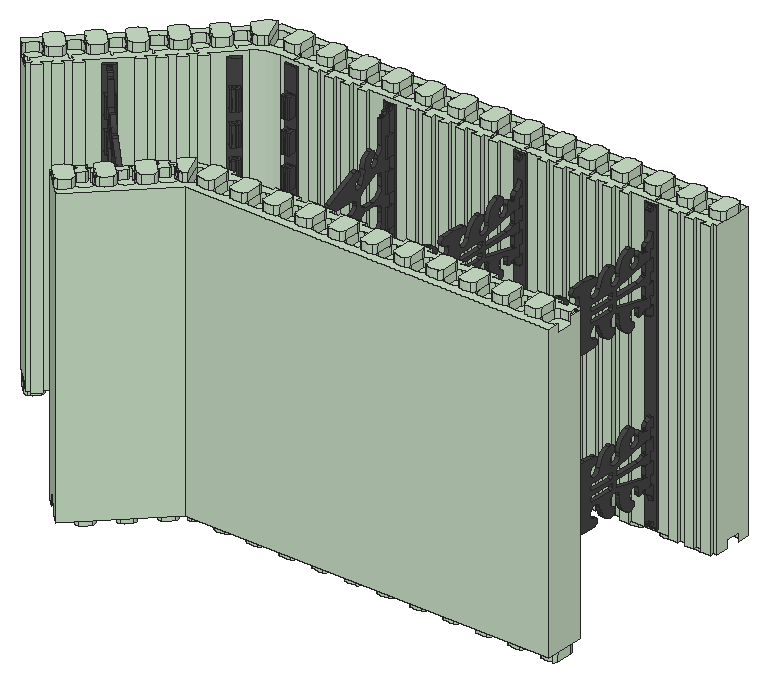
Revit family (continued)
Definition of nested family "NUDURA Logo Diamond"
  Lines and regions (mm)
    model lines
      curve 110: line (289.468, 0, 101.626) -> (295.497, 0, 107.655)
      curve 111: line (300.245, 0, 81.87) -> (291.265, 0, 90.85)
      curve 112: line (318.205, 0, 90.85) -> (309.225, 0, 81.87)
      curve 113: line (309.225, 0, 108.811) -> (318.205, 0, 99.83)
      curve 114: line (291.265, 0, 99.83) -> (300.245, 0, 108.811)
      curve 115: arc (289.468, 0, 89.054) -> (286.865, 0, 95.34) -> (289.468, 0, 101.626) r 8.89
      curve 116: arc (291.265, 0, 90.85) -> (289.405, 0, 95.34) -> (291.265, 0, 99.83) r 6.35
      curve 117: arc (318.205, 0, 90.85) -> (320.065, 0, 95.34) -> (318.205, 0, 99.83) r 6.35
      curve 118: arc (309.225, 0, 108.811) -> (304.735, 0, 110.671) -> (300.245, 0, 108.811) r 6.35
      curve 119: arc (300.245, 0, 81.87) -> (304.735, 0, 80.01) -> (309.225, 0, 81.87) r 6.35
      curve 120: arc (320.001, 0, 89.054) -> (322.605, 0, 95.34) -> (320.001, 0, 101.626) r 8.89
      curve 121: line (295.497, 0, 83.025) -> (289.468, 0, 89.054)
      curve 122: arc (295.497, 0, 107.655) -> (298.287, 0, 114.39) -> (295.497, 0, 121.125) r 9.525
      curve 123: arc (313.973, 0, 107.655) -> (311.183, 0, 114.39) -> (313.973, 0, 121.125) r 9.525
      curve 124: line (324.683, 0, 131.836) -> (313.973, 0, 121.125)
      curve 125: line (284.787, 0, 131.836) -> (286.583, 0, 133.632)
      curve 126: arc (300.245, 0, 119.97) -> (304.735, 0, 118.11) -> (309.225, 0, 119.97) r 6.35
      curve 127: line (314.26, 0, 317.59) -> (295.21, 0, 317.59)
      curve 128: line (323.785, 0, 149.315) -> (323.785, 0, 308.065)
      curve 129: line (285.685, 0, 308.065) -> (285.685, 0, 149.315)
      curve 130: line (295.21, 0, 139.79) -> (314.26, 0, 139.79)
      curve 131: line (316.797, 0, 304.89) -> (305.798, 0, 311.24)
      curve 132: line (316.797, 0, 292.19) -> (316.797, 0, 304.89)
      curve 133: line (311.298, 0, 289.015) -> (316.797, 0, 292.19)
      curve 134: line (305.373, 0, 292.436) -> (311.298, 0, 289.015)
      curve 135: line (310.447, 0, 295.365) -> (305.373, 0, 292.436)
      curve 136: line (299.874, 0, 307.82) -> (310.447, 0, 301.715)
      curve 137: line (310.447, 0, 301.715) -> (310.447, 0, 295.365)
      curve 138: line (305.798, 0, 311.24) -> (299.874, 0, 307.82)
      curve 139: line (299.023, 0, 295.611) -> (304.097, 0, 298.54)
      curve 140: line (304.097, 0, 298.54) -> (298.172, 0, 301.961)
      curve 141: line (298.172, 0, 301.961) -> (292.673, 0, 298.786)
      curve 142: line (292.673, 0, 298.786) -> (292.673, 0, 286.086)
      curve 143: line (299.023, 0, 289.261) -> (299.023, 0, 295.611)
      curve 144: line (309.596, 0, 283.156) -> (299.023, 0, 289.261)
      curve 145: line (303.671, 0, 279.736) -> (309.596, 0, 283.156)
      curve 146: line (292.673, 0, 286.086) -> (303.671, 0, 279.736)
      curve 147: line (312.702, 0, 269.344) -> (296.768, 0, 272.912)
      curve 148: line (296.768, 0, 272.912) -> (296.768, 0, 267.036)
      curve 149: line (296.768, 0, 267.036) -> (308.089, 0, 264.517)
      curve 150: line (308.089, 0, 264.517) -> (296.768, 0, 260.949)
      curve 151: line (296.768, 0, 260.949) -> (296.768, 0, 251.084)
      curve 152: line (296.768, 0, 251.084) -> (309.138, 0, 248.314)
      curve 153: line (309.138, 0, 248.314) -> (309.138, 0, 247.516)
      curve 154: line (309.138, 0, 247.516) -> (301.281, 0, 248.991)
      curve 155: line (296.768, 0, 245.246) -> (296.768, 0, 237.71)
      curve 156: line (306.598, 0, 222.094) -> (306.598, 0, 228.599)
      curve 157: line (306.598, 0, 228.599) -> (296.768, 0, 230.786)
      curve 158: line (296.768, 0, 230.786) -> (296.768, 0, 215.343)
      curve 159: line (302.723, 0, 230.274) -> (312.702, 0, 228.039)
      curve 160: line (300.341, 0, 217.291) -> (300.341, 0, 223.486)
      curve 161: line (300.341, 0, 223.486) -> (306.598, 0, 222.094)
      curve 162: line (296.768, 0, 205.027) -> (296.768, 0, 197.49)
      curve 163: line (302.723, 0, 190.055) -> (310.162, 0, 188.389)
      curve 164: line (310.162, 0, 188.389) -> (310.162, 0, 176.633)
      curve 165: line (308.892, 0, 175.363) -> (307.868, 0, 175.363)
      curve 166: line (306.598, 0, 176.633) -> (306.598, 0, 180.004)
      curve 167: line (306.598, 0, 180.004) -> (307.868, 0, 179.719)
      curve 168: line (307.868, 0, 179.719) -> (307.868, 0, 186.3)
      curve 169: line (307.868, 0, 186.3) -> (296.768, 0, 188.785)
      curve 170: line (296.768, 0, 188.785) -> (296.768, 0, 182.205)
      curve 171: line (296.768, 0, 182.205) -> (304.058, 0, 180.572)
      curve 172: line (304.058, 0, 180.572) -> (304.058, 0, 177.654)
      curve 173: line (302.788, 0, 176.384) -> (296.768, 0, 176.384)
      curve 174: line (296.768, 0, 176.384) -> (296.768, 0, 164.003)
      curve 175: line (296.768, 0, 164.003) -> (299.284, 0, 162.219)
      curve 176: line (299.284, 0, 162.219) -> (299.284, 0, 153.715)
      curve 177: line (307.942, 0, 156.079) -> (301.824, 0, 160.418)
      curve 178: line (301.824, 0, 160.418) -> (301.824, 0, 154.409)
      curve 179: line (301.824, 0, 154.409) -> (307.942, 0, 156.079)
      curve 180: line (299.284, 0, 153.715) -> (296.768, 0, 153.028)
      curve 181: line (296.768, 0, 153.028) -> (296.768, 0, 146.14)
      curve 182: line (296.768, 0, 146.14) -> (312.702, 0, 150.491)
      curve 183: line (312.702, 0, 150.491) -> (312.702, 0, 159.713)
      curve 184: line (312.702, 0, 159.713) -> (298.767, 0, 169.594)
      curve 185: line (298.767, 0, 169.594) -> (302.342, 0, 169.594)
      curve 186: line (312.702, 0, 172.383) -> (312.702, 0, 193.945)
      curve 187: line (312.702, 0, 193.945) -> (302.326, 0, 196.268)
      curve 188: line (300.341, 0, 198.747) -> (300.341, 0, 201.381)
      curve 189: line (301.888, 0, 202.62) -> (312.702, 0, 200.199)
      curve 190: line (312.702, 0, 200.199) -> (312.702, 0, 206.628)
      curve 191: line (312.702, 0, 206.628) -> (306.843, 0, 207.728)
      curve 192: line (312.702, 0, 212.942) -> (312.702, 0, 227.241)
      curve 193: line (312.702, 0, 227.241) -> (309.138, 0, 228.034)
      curve 194: line (309.138, 0, 228.034) -> (309.138, 0, 217.291)
      curve 195: line (312.702, 0, 228.039) -> (312.702, 0, 234.164)
      curve 196: line (312.702, 0, 234.164) -> (302.326, 0, 236.488)
      curve 197: line (300.341, 0, 238.966) -> (300.341, 0, 241.6)
      curve 198: line (301.736, 0, 242.874) -> (312.702, 0, 240.418)
      curve 199: line (312.702, 0, 240.418) -> (312.702, 0, 253.611)
      curve 200: line (312.702, 0, 253.611) -> (302.429, 0, 255.912)
      curve 201: line (302.429, 0, 255.912) -> (312.702, 0, 259.27)
      curve 202: line (312.702, 0, 259.27) -> (312.702, 0, 269.344)
      curve 203: arc (296.768, 0, 245.246) -> (298.145, 0, 248.178) -> (301.281, 0, 248.991) r 3.81
      curve 204: arc (296.768, 0, 237.71) -> (298.44, 0, 232.946) -> (302.723, 0, 230.274) r 7.62
      curve 205: arc (300.842, 0, 208.826) -> (297.87, 0, 211.5) -> (296.768, 0, 215.343) r 7.251
      curve 206: arc (296.768, 0, 205.027) -> (297.979, 0, 207.812) -> (300.842, 0, 208.826) r 3.808
      curve 207: arc (296.768, 0, 197.49) -> (298.44, 0, 192.727) -> (302.723, 0, 190.055) r 7.62
      curve 208: arc (300.341, 0, 198.747) -> (300.898, 0, 197.159) -> (302.326, 0, 196.268) r 2.54
      curve 209: arc (300.341, 0, 201.381) -> (300.817, 0, 202.372) -> (301.888, 0, 202.62) r 1.27
      curve 210: arc (307.868, 0, 175.363) -> (306.969, 0, 175.735) -> (306.598, 0, 176.633) r 1.27
      curve 211: arc (308.892, 0, 175.363) -> (309.79, 0, 175.735) -> (310.162, 0, 176.633) r 1.27
      curve 212: arc (304.058, 0, 177.654) -> (303.686, 0, 176.756) -> (302.788, 0, 176.384) r 1.27
      curve 213: arc (302.342, 0, 169.594) -> (303.976, 0, 170.198) -> (304.826, 0, 171.718) r 2.516
      curve 214: arc (304.826, 0, 171.718) -> (309.07, 0, 168.432) -> (312.702, 0, 172.383) r 3.966
      curve 215: arc (306.843, 0, 207.728) -> (310.942, 0, 209.02) -> (312.702, 0, 212.942) r 5.249
      curve 216: arc (300.341, 0, 217.291) -> (304.739, 0, 212.893) -> (309.138, 0, 217.291) r 4.398
      curve 217: arc (300.341, 0, 238.966) -> (300.898, 0, 237.378) -> (302.326, 0, 236.488) r 2.54
      curve 218: arc (300.341, 0, 241.6) -> (300.886, 0, 242.648) -> (302.057, 0, 242.802) r 1.279
      curve 219: arc (285.685, 0, 308.065) -> (288.475, 0, 314.8) -> (295.21, 0, 317.59) r 9.525
      curve 220: arc (314.26, 0, 317.59) -> (320.995, 0, 314.8) -> (323.785, 0, 308.065) r 9.525
      curve 221: arc (285.685, 0, 149.315) -> (288.475, 0, 142.58) -> (295.21, 0, 139.79) r 9.525
      curve 222: arc (314.26, 0, 139.79) -> (320.995, 0, 142.58) -> (323.785, 0, 149.315) r 9.525
      curve 223: line (253.935, 0, 457.2) -> (253.935, 0, 0)
      curve 224: line (355.535, 0, 457.2) -> (355.535, 0, 0)
      curve 225: line (406.335, 0, 457.2) -> (406.335, 0, 0)
Definition of nested family "NUDURA Logo Diamond Missing Outside Line"
  Reference planes
    plane 1 "Center (Front/Back)": y = 0
    plane 2: z = 0
    plane 3 "Center (Left/Right)": x = 0
  Lines and regions (mm)
    model lines
      curve 1: line (320.001, 0, 444.526) -> (311.021, 0, 453.507)
      curve 2: line (313.973, 0, 425.925) -> (320.001, 0, 431.954)
      curve 3: line (320.001, 0, 406.426) -> (313.973, 0, 412.455)
      curve 4: line (313.973, 0, 387.825) -> (320.001, 0, 393.854)
      curve 5: line (320.001, 0, 368.326) -> (313.973, 0, 374.355)
      curve 6: line (313.973, 0, 349.725) -> (320.001, 0, 355.754)
      curve 7: line (309.225, 0, 337.411) -> (322.887, 0, 323.749)
      curve 8: line (322.887, 0, 323.749) -> (324.683, 0, 325.545)
      curve 9: line (286.583, 0, 323.749) -> (300.245, 0, 337.411)
      curve 10: line (295.497, 0, 336.255) -> (284.787, 0, 325.545)
      curve 11: line (289.468, 0, 355.754) -> (295.497, 0, 349.725)
      curve 12: line (295.497, 0, 374.355) -> (289.468, 0, 368.326)
      curve 13: line (289.468, 0, 393.854) -> (295.497, 0, 387.825)
      curve 14: line (295.497, 0, 412.455) -> (289.468, 0, 406.426)
      curve 15: line (289.468, 0, 431.954) -> (295.497, 0, 425.925)
      curve 16: line (298.449, 0, 453.507) -> (289.468, 0, 444.526)
      curve 17: line (300.245, 0, 451.711) -> (291.265, 0, 442.73)
      curve 18: line (318.205, 0, 442.73) -> (309.225, 0, 451.711)
      curve 19: line (309.225, 0, 424.77) -> (318.205, 0, 433.75)
      curve 20: line (291.265, 0, 433.75) -> (300.245, 0, 424.77)
      curve 21: arc (289.468, 0, 444.526) -> (286.865, 0, 438.24) -> (289.468, 0, 431.954) r 8.89
      curve 22: arc (298.449, 0, 453.507) -> (304.735, 0, 456.111) -> (311.021, 0, 453.507) r 8.89
      curve 23: arc (291.265, 0, 442.73) -> (289.405, 0, 438.24) -> (291.265, 0, 433.75) r 6.35
      curve 24: arc (318.205, 0, 442.73) -> (320.065, 0, 438.24) -> (318.205, 0, 433.75) r 6.35
      curve 25: arc (309.225, 0, 424.77) -> (304.735, 0, 422.91) -> (300.245, 0, 424.77) r 6.35
      curve 26: arc (300.245, 0, 451.711) -> (304.735, 0, 453.571) -> (309.225, 0, 451.711) r 6.35
      curve 27: arc (320.001, 0, 444.526) -> (322.605, 0, 438.24) -> (320.001, 0, 431.954) r 8.89
      curve 28: arc (295.497, 0, 425.925) -> (298.287, 0, 419.19) -> (295.497, 0, 412.455) r 9.525
      curve 29: arc (313.973, 0, 425.925) -> (311.183, 0, 419.19) -> (313.973, 0, 412.455) r 9.525
      curve 30: line (313.973, 0, 387.825) -> (320.001, 0, 393.854)
      curve 31: line (289.468, 0, 393.854) -> (295.497, 0, 387.825)
      curve 32: line (300.245, 0, 413.611) -> (291.265, 0, 404.63)
      curve 33: line (318.205, 0, 404.63) -> (309.225, 0, 413.611)
      curve 34: line (309.225, 0, 386.67) -> (318.205, 0, 395.65)
      curve 35: line (291.265, 0, 395.65) -> (300.245, 0, 386.67)
      curve 36: arc (289.468, 0, 406.426) -> (286.865, 0, 400.14) -> (289.468, 0, 393.854) r 8.89
      curve 37: arc (291.265, 0, 404.63) -> (289.405, 0, 400.14) -> (291.265, 0, 395.65) r 6.35
      curve 38: arc (318.205, 0, 404.63) -> (320.065, 0, 400.14) -> (318.205, 0, 395.65) r 6.35
      curve 39: arc (309.225, 0, 386.67) -> (304.735, 0, 384.81) -> (300.245, 0, 386.67) r 6.35
      curve 40: arc (300.245, 0, 413.611) -> (304.735, 0, 415.471) -> (309.225, 0, 413.611) r 6.35
      curve 41: arc (320.001, 0, 406.426) -> (322.605, 0, 400.14) -> (320.001, 0, 393.854) r 8.89
      curve 42: line (295.497, 0, 412.455) -> (289.468, 0, 406.426)
      curve 43: line (320.001, 0, 406.426) -> (313.973, 0, 412.455)
      curve 44: arc (295.497, 0, 387.825) -> (298.287, 0, 381.09) -> (295.497, 0, 374.355) r 9.525
      curve 45: arc (313.973, 0, 387.825) -> (311.183, 0, 381.09) -> (313.973, 0, 374.355) r 9.525
      curve 46: line (313.973, 0, 349.725) -> (320.001, 0, 355.754)
      curve 47: line (289.468, 0, 355.754) -> (295.497, 0, 349.725)
      curve 48: line (300.245, 0, 375.511) -> (291.265, 0, 366.53)
      curve 49: line (318.205, 0, 366.53) -> (309.225, 0, 375.511)
      curve 50: line (309.225, 0, 348.57) -> (318.205, 0, 357.55)
      curve 51: line (291.265, 0, 357.55) -> (300.245, 0, 348.57)
      curve 52: arc (289.468, 0, 368.326) -> (286.865, 0, 362.04) -> (289.468, 0, 355.754) r 8.89
      curve 53: arc (291.265, 0, 366.53) -> (289.405, 0, 362.04) -> (291.265, 0, 357.55) r 6.35
      curve 54: arc (318.205, 0, 366.53) -> (320.065, 0, 362.04) -> (318.205, 0, 357.55) r 6.35
      curve 55: arc (309.225, 0, 348.57) -> (304.735, 0, 346.71) -> (300.245, 0, 348.57) r 6.35
      curve 56: arc (300.245, 0, 375.511) -> (304.735, 0, 377.371) -> (309.225, 0, 375.511) r 6.35
      curve 57: arc (320.001, 0, 368.326) -> (322.605, 0, 362.04) -> (320.001, 0, 355.754) r 8.89
      curve 58: line (295.497, 0, 374.355) -> (289.468, 0, 368.326)
      curve 59: arc (295.497, 0, 349.725) -> (298.287, 0, 342.99) -> (295.497, 0, 336.255) r 9.525
      curve 60: arc (313.973, 0, 349.725) -> (311.183, 0, 342.99) -> (313.973, 0, 336.255) r 9.525
      curve 61: line (324.683, 0, 325.545) -> (313.973, 0, 336.255)
      curve 62: line (284.787, 0, 325.545) -> (286.583, 0, 323.749)
      curve 63: arc (300.245, 0, 337.411) -> (304.735, 0, 339.271) -> (309.225, 0, 337.411) r 6.35
      curve 64: line (320.001, 0, 12.854) -> (311.021, 0, 3.874)
      curve 65: line (313.973, 0, 31.455) -> (320.001, 0, 25.426)
      curve 66: line (320.001, 0, 50.954) -> (313.973, 0, 44.925)
      curve 67: line (313.973, 0, 69.555) -> (320.001, 0, 63.526)
      curve 68: line (320.001, 0, 89.054) -> (313.973, 0, 83.025)
      curve 69: line (313.973, 0, 107.655) -> (320.001, 0, 101.626)
      curve 70: line (309.225, 0, 119.97) -> (322.887, 0, 133.632)
      curve 71: line (322.887, 0, 133.632) -> (324.683, 0, 131.836)
      curve 72: line (286.583, 0, 133.632) -> (300.245, 0, 119.97)
      curve 73: line (295.497, 0, 121.125) -> (284.787, 0, 131.836)
      curve 74: line (289.468, 0, 101.626) -> (295.497, 0, 107.655)
      curve 75: line (295.497, 0, 83.025) -> (289.468, 0, 89.054)
      curve 76: line (289.468, 0, 63.526) -> (295.497, 0, 69.555)
      curve 77: line (295.497, 0, 44.925) -> (289.468, 0, 50.954)
      curve 78: line (289.468, 0, 25.426) -> (295.497, 0, 31.455)
      curve 79: line (298.449, 0, 3.874) -> (289.468, 0, 12.854)
      curve 80: line (300.245, 0, 5.67) -> (291.265, 0, 14.65)
      curve 81: line (318.205, 0, 14.65) -> (309.225, 0, 5.67)
      curve 82: line (309.225, 0, 32.611) -> (318.205, 0, 23.63)
      curve 83: line (291.265, 0, 23.63) -> (300.245, 0, 32.611)
      curve 84: arc (289.468, 0, 12.854) -> (286.865, 0, 19.14) -> (289.468, 0, 25.426) r 8.89
      curve 85: arc (298.449, 0, 3.874) -> (304.735, 0, 1.27) -> (311.021, 0, 3.874) r 8.89
      curve 86: arc (291.265, 0, 14.65) -> (289.405, 0, 19.14) -> (291.265, 0, 23.63) r 6.35
      curve 87: arc (318.205, 0, 14.65) -> (320.065, 0, 19.14) -> (318.205, 0, 23.63) r 6.35
      curve 88: arc (309.225, 0, 32.611) -> (304.735, 0, 34.471) -> (300.245, 0, 32.611) r 6.35
      curve 89: arc (300.245, 0, 5.67) -> (304.735, 0, 3.81) -> (309.225, 0, 5.67) r 6.35
      curve 90: arc (320.001, 0, 12.854) -> (322.605, 0, 19.14) -> (320.001, 0, 25.426) r 8.89
      curve 91: arc (295.497, 0, 31.455) -> (298.287, 0, 38.19) -> (295.497, 0, 44.925) r 9.525
      curve 92: arc (313.973, 0, 31.455) -> (311.183, 0, 38.19) -> (313.973, 0, 44.925) r 9.525
      curve 93: line (313.973, 0, 69.555) -> (320.001, 0, 63.526)
      curve 94: line (289.468, 0, 63.526) -> (295.497, 0, 69.555)
      curve 95: line (300.245, 0, 43.77) -> (291.265, 0, 52.75)
      curve 96: line (318.205, 0, 52.75) -> (309.225, 0, 43.77)
      curve 97: line (309.225, 0, 70.711) -> (318.205, 0, 61.73)
      curve 98: line (291.265, 0, 61.73) -> (300.245, 0, 70.711)
      curve 99: arc (289.468, 0, 50.954) -> (286.865, 0, 57.24) -> (289.468, 0, 63.526) r 8.89
      curve 100: arc (291.265, 0, 52.75) -> (289.405, 0, 57.24) -> (291.265, 0, 61.73) r 6.35
      curve 101: arc (318.205, 0, 52.75) -> (320.065, 0, 57.24) -> (318.205, 0, 61.73) r 6.35
      curve 102: arc (309.225, 0, 70.711) -> (304.735, 0, 72.571) -> (300.245, 0, 70.711) r 6.35
      curve 103: arc (300.245, 0, 43.77) -> (304.735, 0, 41.91) -> (309.225, 0, 43.77) r 6.35
      curve 104: arc (320.001, 0, 50.954) -> (322.605, 0, 57.24) -> (320.001, 0, 63.526) r 8.89
      curve 105: line (295.497, 0, 44.925) -> (289.468, 0, 50.954)
      curve 106: line (320.001, 0, 50.954) -> (313.973, 0, 44.925)
      curve 107: arc (295.497, 0, 69.555) -> (298.287, 0, 76.29) -> (295.497, 0, 83.025) r 9.525
      curve 108: arc (313.973, 0, 69.555) -> (311.183, 0, 76.29) -> (313.973, 0, 83.025) r 9.525
      curve 109: line (313.973, 0, 107.655) -> (320.001, 0, 101.626)
      curve 110: line (289.468, 0, 101.626) -> (295.497, 0, 107.655)
      curve 111: line (300.245, 0, 81.87) -> (291.265, 0, 90.85)
      curve 112: line (318.205, 0, 90.85) -> (309.225, 0, 81.87)
      curve 113: line (309.225, 0, 108.811) -> (318.205, 0, 99.83)
      curve 114: line (291.265, 0, 99.83) -> (300.245, 0, 108.811)
      curve 115: arc (289.468, 0, 89.054) -> (286.865, 0, 95.34) -> (289.468, 0, 101.626) r 8.89
      curve 116: arc (291.265, 0, 90.85) -> (289.405, 0, 95.34) -> (291.265, 0, 99.83) r 6.35
      curve 117: arc (318.205, 0, 90.85) -> (320.065, 0, 95.34) -> (318.205, 0, 99.83) r 6.35
      curve 118: arc (309.225, 0, 108.811) -> (304.735, 0, 110.671) -> (300.245, 0, 108.811) r 6.35
      curve 119: arc (300.245, 0, 81.87) -> (304.735, 0, 80.01) -> (309.225, 0, 81.87) r 6.35
      curve 120: arc (320.001, 0, 89.054) -> (322.605, 0, 95.34) -> (320.001, 0, 101.626) r 8.89
      curve 121: line (295.497, 0, 83.025) -> (289.468, 0, 89.054)
      curve 122: arc (295.497, 0, 107.655) -> (298.287, 0, 114.39) -> (295.497, 0, 121.125) r 9.525
      curve 123: arc (313.973, 0, 107.655) -> (311.183, 0, 114.39) -> (313.973, 0, 121.125) r 9.525
      curve 124: line (324.683, 0, 131.836) -> (313.973, 0, 121.125)
      curve 125: line (284.787, 0, 131.836) -> (286.583, 0, 133.632)
      curve 126: arc (300.245, 0, 119.97) -> (304.735, 0, 118.11) -> (309.225, 0, 119.97) r 6.35
      curve 127: line (314.26, 0, 317.59) -> (295.21, 0, 317.59)
      curve 128: line (323.785, 0, 149.315) -> (323.785, 0, 308.065)
      curve 129: line (285.685, 0, 308.065) -> (285.685, 0, 149.315)
      curve 130: line (295.21, 0, 139.79) -> (314.26, 0, 139.79)
      curve 131: line (316.797, 0, 304.89) -> (305.798, 0, 311.24)
      curve 132: line (316.797, 0, 292.19) -> (316.797, 0, 304.89)
      curve 133: line (311.298, 0, 289.015) -> (316.797, 0, 292.19)
      curve 134: line (305.373, 0, 292.436) -> (311.298, 0, 289.015)
      curve 135: line (310.447, 0, 295.365) -> (305.373, 0, 292.436)
      curve 136: line (299.874, 0, 307.82) -> (310.447, 0, 301.715)
      curve 137: line (310.447, 0, 301.715) -> (310.447, 0, 295.365)
      curve 138: line (305.798, 0, 311.24) -> (299.874, 0, 307.82)
      curve 139: line (299.023, 0, 295.611) -> (304.097, 0, 298.54)
      curve 140: line (304.097, 0, 298.54) -> (298.172, 0, 301.961)
      curve 141: line (298.172, 0, 301.961) -> (292.673, 0, 298.786)
      curve 142: line (292.673, 0, 298.786) -> (292.673, 0, 286.086)
      curve 143: line (299.023, 0, 289.261) -> (299.023, 0, 295.611)
      curve 144: line (309.596, 0, 283.156) -> (299.023, 0, 289.261)
      curve 145: line (303.671, 0, 279.736) -> (309.596, 0, 283.156)
      curve 146: line (292.673, 0, 286.086) -> (303.671, 0, 279.736)
      curve 147: line (312.702, 0, 269.344) -> (296.768, 0, 272.912)
      curve 148: line (296.768, 0, 272.912) -> (296.768, 0, 267.036)
      curve 149: line (296.768, 0, 267.036) -> (308.089, 0, 264.517)
      curve 150: line (308.089, 0, 264.517) -> (296.768, 0, 260.949)
      curve 151: line (296.768, 0, 260.949) -> (296.768, 0, 251.084)
      curve 152: line (296.768, 0, 251.084) -> (309.138, 0, 248.314)
      curve 153: line (309.138, 0, 248.314) -> (309.138, 0, 247.516)
      curve 154: line (309.138, 0, 247.516) -> (301.281, 0, 248.991)
      curve 155: line (296.768, 0, 245.246) -> (296.768, 0, 237.71)
      curve 156: line (306.598, 0, 222.094) -> (306.598, 0, 228.599)
      curve 157: line (306.598, 0, 228.599) -> (296.768, 0, 230.786)
      curve 158: line (296.768, 0, 230.786) -> (296.768, 0, 215.343)
      curve 159: line (302.723, 0, 230.274) -> (312.702, 0, 228.039)
      curve 160: line (300.341, 0, 217.291) -> (300.341, 0, 223.486)
      curve 161: line (300.341, 0, 223.486) -> (306.598, 0, 222.094)
      curve 162: line (296.768, 0, 205.027) -> (296.768, 0, 197.49)
      curve 163: line (302.723, 0, 190.055) -> (310.162, 0, 188.389)
      curve 164: line (310.162, 0, 188.389) -> (310.162, 0, 176.633)
      curve 165: line (308.892, 0, 175.363) -> (307.868, 0, 175.363)
      curve 166: line (306.598, 0, 176.633) -> (306.598, 0, 180.004)
      curve 167: line (306.598, 0, 180.004) -> (307.868, 0, 179.719)
      curve 168: line (307.868, 0, 179.719) -> (307.868, 0, 186.3)
      curve 169: line (307.868, 0, 186.3) -> (296.768, 0, 188.785)
      curve 170: line (296.768, 0, 188.785) -> (296.768, 0, 182.205)
      curve 171: line (296.768, 0, 182.205) -> (304.058, 0, 180.572)
      curve 172: line (304.058, 0, 180.572) -> (304.058, 0, 177.654)
      curve 173: line (302.788, 0, 176.384) -> (296.768, 0, 176.384)
      curve 174: line (296.768, 0, 176.384) -> (296.768, 0, 164.003)
      curve 175: line (296.768, 0, 164.003) -> (299.284, 0, 162.219)
      curve 176: line (299.284, 0, 162.219) -> (299.284, 0, 153.715)
      curve 177: line (307.942, 0, 156.079) -> (301.824, 0, 160.418)
      curve 178: line (301.824, 0, 160.418) -> (301.824, 0, 154.409)
      curve 179: line (301.824, 0, 154.409) -> (307.942, 0, 156.079)
      curve 180: line (299.284, 0, 153.715) -> (296.768, 0, 153.028)
      curve 181: line (296.768, 0, 153.028) -> (296.768, 0, 146.14)
      curve 182: line (296.768, 0, 146.14) -> (312.702, 0, 150.491)
      curve 183: line (312.702, 0, 150.491) -> (312.702, 0, 159.713)
      curve 184: line (312.702, 0, 159.713) -> (298.767, 0, 169.594)
      curve 185: line (298.767, 0, 169.594) -> (302.342, 0, 169.594)
      curve 186: line (312.702, 0, 172.383) -> (312.702, 0, 193.945)
      curve 187: line (312.702, 0, 193.945) -> (302.326, 0, 196.268)
      curve 188: line (300.341, 0, 198.747) -> (300.341, 0, 201.381)
      curve 189: line (301.888, 0, 202.62) -> (312.702, 0, 200.199)
      curve 190: line (312.702, 0, 200.199) -> (312.702, 0, 206.628)
      curve 191: line (312.702, 0, 206.628) -> (306.843, 0, 207.728)
      curve 192: line (312.702, 0, 212.942) -> (312.702, 0, 227.241)
      curve 193: line (312.702, 0, 227.241) -> (309.138, 0, 228.034)
      curve 194: line (309.138, 0, 228.034) -> (309.138, 0, 217.291)
      curve 195: line (312.702, 0, 228.039) -> (312.702, 0, 234.164)
      curve 196: line (312.702, 0, 234.164) -> (302.326, 0, 236.488)
      curve 197: line (300.341, 0, 238.966) -> (300.341, 0, 241.6)
      curve 198: line (301.736, 0, 242.874) -> (312.702, 0, 240.418)
      curve 199: line (312.702, 0, 240.418) -> (312.702, 0, 253.611)
      curve 200: line (312.702, 0, 253.611) -> (302.429, 0, 255.912)
      curve 201: line (302.429, 0, 255.912) -> (312.702, 0, 259.27)
      curve 202: line (312.702, 0, 259.27) -> (312.702, 0, 269.344)
      curve 203: arc (296.768, 0, 245.246) -> (298.145, 0, 248.178) -> (301.281, 0, 248.991) r 3.81
      curve 204: arc (296.768, 0, 237.71) -> (298.44, 0, 232.946) -> (302.723, 0, 230.274) r 7.62
      curve 205: arc (300.842, 0, 208.826) -> (297.87, 0, 211.5) -> (296.768, 0, 215.343) r 7.251
      curve 206: arc (296.768, 0, 205.027) -> (297.979, 0, 207.812) -> (300.842, 0, 208.826) r 3.808
      curve 207: arc (296.768, 0, 197.49) -> (298.44, 0, 192.727) -> (302.723, 0, 190.055) r 7.62
      curve 208: arc (300.341, 0, 198.747) -> (300.898, 0, 197.159) -> (302.326, 0, 196.268) r 2.54
      curve 209: arc (300.341, 0, 201.381) -> (300.817, 0, 202.372) -> (301.888, 0, 202.62) r 1.27
      curve 210: arc (307.868, 0, 175.363) -> (306.969, 0, 175.735) -> (306.598, 0, 176.633) r 1.27
      curve 211: arc (308.892, 0, 175.363) -> (309.79, 0, 175.735) -> (310.162, 0, 176.633) r 1.27
      curve 212: arc (304.058, 0, 177.654) -> (303.686, 0, 176.756) -> (302.788, 0, 176.384) r 1.27
      curve 213: arc (302.342, 0, 169.594) -> (303.976, 0, 170.198) -> (304.826, 0, 171.718) r 2.516
      curve 214: arc (304.826, 0, 171.718) -> (309.07, 0, 168.432) -> (312.702, 0, 172.383) r 3.966
      curve 215: arc (306.843, 0, 207.728) -> (310.942, 0, 209.02) -> (312.702, 0, 212.942) r 5.249
      curve 216: arc (300.341, 0, 217.291) -> (304.739, 0, 212.893) -> (309.138, 0, 217.291) r 4.398
      curve 217: arc (300.341, 0, 238.966) -> (300.898, 0, 237.378) -> (302.326, 0, 236.488) r 2.54
      curve 218: arc (300.341, 0, 241.6) -> (300.886, 0, 242.648) -> (302.057, 0, 242.802) r 1.279
      curve 219: arc (285.685, 0, 308.065) -> (288.475, 0, 314.8) -> (295.21, 0, 317.59) r 9.525
      curve 220: arc (314.26, 0, 317.59) -> (320.995, 0, 314.8) -> (323.785, 0, 308.065) r 9.525
      curve 221: arc (285.685, 0, 149.315) -> (288.475, 0, 142.58) -> (295.21, 0, 139.79) r 9.525
      curve 222: arc (314.26, 0, 139.79) -> (320.995, 0, 142.58) -> (323.785, 0, 149.315) r 9.525
      curve 223: line (253.935, 0, 457.2) -> (253.935, 0, 0)
      curve 224: line (355.535, 0, 457.2) -> (355.535, 0, 0)
Definition of nested family "NUDURA Diamond Pattern Missing Two Lines"
  Reference planes
    plane 1 "Center (Front/Back)": y = 0
    plane 2: z = 0
    plane 3 "Center (Left/Right)": x = 0
    plane 4: z = 457.2
  Lines and regions (mm)
    model lines
      curve 1: line (50.8, -142.875, 457.2) -> (50.8, -142.875, 0)
      curve 2: line (85.183, -142.875, 431.415) -> (93.906, -142.875, 422.692)
      curve 3: arc (85.183, -142.875, 444.885) -> (82.394, -142.875, 438.15) -> (85.183, -142.875, 431.415) r 9.525
      curve 4: line (94.708, -142.875, 454.41) -> (85.183, -142.875, 444.885)
      curve 5: arc (108.179, -142.875, 454.41) -> (101.444, -142.875, 457.2) -> (94.708, -142.875, 454.41) r 9.525
      curve 6: line (117.704, -142.875, 444.885) -> (108.179, -142.875, 454.41)
      curve 7: arc (117.704, -142.875, 431.415) -> (120.494, -142.875, 438.15) -> (117.704, -142.875, 444.885) r 9.525
      curve 8: line (108.981, -142.875, 422.692) -> (117.704, -142.875, 431.415)
      curve 9: arc (105.934, -142.875, 452.165) -> (101.444, -142.875, 454.025) -> (96.953, -142.875, 452.165) r 6.35
      curve 10: line (115.459, -142.875, 442.64) -> (105.934, -142.875, 452.165)
      curve 11: arc (115.459, -142.875, 433.66) -> (117.319, -142.875, 438.15) -> (115.459, -142.875, 442.64) r 6.35
      curve 12: line (105.934, -142.875, 424.135) -> (115.459, -142.875, 433.66)
      curve 13: arc (96.953, -142.875, 424.135) -> (101.444, -142.875, 422.275) -> (105.934, -142.875, 424.135) r 6.35
      curve 14: line (87.428, -142.875, 433.66) -> (96.953, -142.875, 424.135)
      curve 15: arc (87.428, -142.875, 442.64) -> (85.569, -142.875, 438.15) -> (87.428, -142.875, 433.66) r 6.35
      curve 16: line (96.953, -142.875, 452.165) -> (87.428, -142.875, 442.64)
      curve 17: arc (93.906, -142.875, 415.508) -> (95.394, -142.875, 419.1) -> (93.906, -142.875, 422.692) r 5.08
      curve 18: line (117.704, -142.875, 406.785) -> (108.981, -142.875, 415.508)
      curve 19: arc (117.704, -142.875, 393.315) -> (120.494, -142.875, 400.05) -> (117.704, -142.875, 406.785) r 9.525
      curve 20: line (108.981, -142.875, 384.592) -> (117.704, -142.875, 393.315)
      curve 21: line (85.183, -142.875, 393.315) -> (93.906, -142.875, 384.592)
      curve 22: arc (85.183, -142.875, 406.785) -> (82.394, -142.875, 400.05) -> (85.183, -142.875, 393.315) r 9.525
      curve 23: line (93.906, -142.875, 415.508) -> (85.183, -142.875, 406.785)
      curve 24: arc (105.934, -142.875, 414.065) -> (101.444, -142.875, 415.925) -> (96.953, -142.875, 414.065) r 6.35
      curve 25: line (96.953, -142.875, 414.065) -> (87.428, -142.875, 404.54)
      curve 26: arc (87.428, -142.875, 404.54) -> (85.569, -142.875, 400.05) -> (87.428, -142.875, 395.56) r 6.35
      curve 27: line (87.428, -142.875, 395.56) -> (96.953, -142.875, 386.035)
      curve 28: arc (96.953, -142.875, 386.035) -> (101.444, -142.875, 384.175) -> (105.934, -142.875, 386.035) r 6.35
      curve 29: line (105.934, -142.875, 386.035) -> (115.459, -142.875, 395.56)
      curve 30: arc (115.459, -142.875, 395.56) -> (117.319, -142.875, 400.05) -> (115.459, -142.875, 404.54) r 6.35
      curve 31: line (115.459, -142.875, 404.54) -> (105.934, -142.875, 414.065)
      curve 32: arc (93.906, -142.875, 377.408) -> (95.394, -142.875, 381) -> (93.906, -142.875, 384.592) r 5.08
      curve 33: line (117.704, -142.875, 368.685) -> (108.981, -142.875, 377.408)
      curve 34: arc (117.704, -142.875, 355.215) -> (120.494, -142.875, 361.95) -> (117.704, -142.875, 368.685) r 9.525
      curve 35: line (108.981, -142.875, 346.492) -> (117.704, -142.875, 355.215)
      curve 36: line (85.183, -142.875, 355.215) -> (93.906, -142.875, 346.492)
      curve 37: arc (85.183, -142.875, 368.685) -> (82.394, -142.875, 361.95) -> (85.183, -142.875, 355.215) r 9.525
      curve 38: line (93.906, -142.875, 377.408) -> (85.183, -142.875, 368.685)
      curve 39: arc (105.934, -142.875, 375.965) -> (101.444, -142.875, 377.825) -> (96.953, -142.875, 375.965) r 6.35
      curve 40: line (96.953, -142.875, 375.965) -> (87.428, -142.875, 366.44)
      curve 41: arc (87.428, -142.875, 366.44) -> (85.569, -142.875, 361.95) -> (87.428, -142.875, 357.46) r 6.35
      curve 42: line (87.428, -142.875, 357.46) -> (96.953, -142.875, 347.935)
      curve 43: arc (96.953, -142.875, 347.935) -> (101.444, -142.875, 346.075) -> (105.934, -142.875, 347.935) r 6.35
      curve 44: line (105.934, -142.875, 347.935) -> (115.459, -142.875, 357.46)
      curve 45: arc (115.459, -142.875, 357.46) -> (117.319, -142.875, 361.95) -> (115.459, -142.875, 366.44) r 6.35
      curve 46: line (115.459, -142.875, 366.44) -> (105.934, -142.875, 375.965)
      curve 47: arc (93.906, -142.875, 339.308) -> (95.394, -142.875, 342.9) -> (93.906, -142.875, 346.492) r 5.08
      curve 48: line (117.704, -142.875, 330.585) -> (108.981, -142.875, 339.308)
      curve 49: arc (117.704, -142.875, 317.115) -> (120.494, -142.875, 323.85) -> (117.704, -142.875, 330.585) r 9.525
      curve 50: line (108.981, -142.875, 308.392) -> (117.704, -142.875, 317.115)
      curve 51: line (85.183, -142.875, 317.115) -> (93.906, -142.875, 308.392)
      curve 52: arc (85.183, -142.875, 330.585) -> (82.394, -142.875, 323.85) -> (85.183, -142.875, 317.115) r 9.525
      curve 53: line (93.906, -142.875, 339.308) -> (85.183, -142.875, 330.585)
      curve 54: arc (105.934, -142.875, 337.865) -> (101.444, -142.875, 339.725) -> (96.953, -142.875, 337.865) r 6.35
      curve 55: line (96.953, -142.875, 337.865) -> (87.428, -142.875, 328.34)
      curve 56: arc (87.428, -142.875, 328.34) -> (85.569, -142.875, 323.85) -> (87.428, -142.875, 319.36) r 6.35
      curve 57: line (87.428, -142.875, 319.36) -> (96.953, -142.875, 309.835)
      curve 58: arc (96.953, -142.875, 309.835) -> (101.444, -142.875, 307.975) -> (105.934, -142.875, 309.835) r 6.35
      curve 59: line (105.934, -142.875, 309.835) -> (115.459, -142.875, 319.36)
      curve 60: arc (115.459, -142.875, 319.36) -> (117.319, -142.875, 323.85) -> (115.459, -142.875, 328.34) r 6.35
      curve 61: line (115.459, -142.875, 328.34) -> (105.934, -142.875, 337.865)
      curve 62: arc (93.906, -142.875, 301.208) -> (95.394, -142.875, 304.8) -> (93.906, -142.875, 308.392) r 5.08
      curve 63: line (117.704, -142.875, 292.485) -> (108.981, -142.875, 301.208)
      curve 64: arc (117.704, -142.875, 279.015) -> (120.494, -142.875, 285.75) -> (117.704, -142.875, 292.485) r 9.525
      curve 65: line (108.981, -142.875, 270.292) -> (117.704, -142.875, 279.015)
      curve 66: line (85.183, -142.875, 279.015) -> (93.906, -142.875, 270.292)
      curve 67: arc (85.183, -142.875, 292.485) -> (82.394, -142.875, 285.75) -> (85.183, -142.875, 279.015) r 9.525
      curve 68: line (93.906, -142.875, 301.208) -> (85.183, -142.875, 292.485)
      curve 69: arc (105.934, -142.875, 299.765) -> (101.444, -142.875, 301.625) -> (96.953, -142.875, 299.765) r 6.35
      curve 70: line (96.953, -142.875, 299.765) -> (87.428, -142.875, 290.24)
      curve 71: arc (87.428, -142.875, 290.24) -> (85.569, -142.875, 285.75) -> (87.428, -142.875, 281.26) r 6.35
      curve 72: line (87.428, -142.875, 281.26) -> (96.953, -142.875, 271.735)
      curve 73: arc (96.953, -142.875, 271.735) -> (101.444, -142.875, 269.875) -> (105.934, -142.875, 271.735) r 6.35
      curve 74: line (105.934, -142.875, 271.735) -> (115.459, -142.875, 281.26)
      curve 75: arc (115.459, -142.875, 281.26) -> (117.319, -142.875, 285.75) -> (115.459, -142.875, 290.24) r 6.35
      curve 76: line (115.459, -142.875, 290.24) -> (105.934, -142.875, 299.765)
      curve 77: arc (93.906, -142.875, 263.108) -> (95.394, -142.875, 266.7) -> (93.906, -142.875, 270.292) r 5.08
      curve 78: line (117.704, -142.875, 254.385) -> (108.981, -142.875, 263.108)
      curve 79: arc (117.704, -142.875, 240.915) -> (120.494, -142.875, 247.65) -> (117.704, -142.875, 254.385) r 9.525
      curve 80: line (108.981, -142.875, 232.192) -> (117.704, -142.875, 240.915)
      curve 81: line (85.183, -142.875, 240.915) -> (93.906, -142.875, 232.192)
      curve 82: arc (85.183, -142.875, 254.385) -> (82.394, -142.875, 247.65) -> (85.183, -142.875, 240.915) r 9.525
      curve 83: line (93.906, -142.875, 263.108) -> (85.183, -142.875, 254.385)
      curve 84: arc (105.934, -142.875, 261.665) -> (101.444, -142.875, 263.525) -> (96.953, -142.875, 261.665) r 6.35
      curve 85: line (96.953, -142.875, 261.665) -> (87.428, -142.875, 252.14)
      curve 86: arc (87.428, -142.875, 252.14) -> (85.569, -142.875, 247.65) -> (87.428, -142.875, 243.16) r 6.35
      curve 87: line (87.428, -142.875, 243.16) -> (96.953, -142.875, 233.635)
      curve 88: arc (96.953, -142.875, 233.635) -> (101.444, -142.875, 231.775) -> (105.934, -142.875, 233.635) r 6.35
      curve 89: line (105.934, -142.875, 233.635) -> (115.459, -142.875, 243.16)
      curve 90: arc (115.459, -142.875, 243.16) -> (117.319, -142.875, 247.65) -> (115.459, -142.875, 252.14) r 6.35
      curve 91: line (115.459, -142.875, 252.14) -> (105.934, -142.875, 261.665)
      curve 92: arc (93.906, -142.875, 225.008) -> (95.394, -142.875, 228.6) -> (93.906, -142.875, 232.192) r 5.08
      curve 93: line (117.704, -142.875, 216.285) -> (108.981, -142.875, 225.008)
      curve 94: arc (117.704, -142.875, 202.815) -> (120.494, -142.875, 209.55) -> (117.704, -142.875, 216.285) r 9.525
      curve 95: line (108.981, -142.875, 194.092) -> (117.704, -142.875, 202.815)
      curve 96: line (85.183, -142.875, 202.815) -> (93.906, -142.875, 194.092)
      curve 97: arc (85.183, -142.875, 216.285) -> (82.394, -142.875, 209.55) -> (85.183, -142.875, 202.815) r 9.525
      curve 98: line (93.906, -142.875, 225.008) -> (85.183, -142.875, 216.285)
      curve 99: arc (105.934, -142.875, 223.565) -> (101.444, -142.875, 225.425) -> (96.953, -142.875, 223.565) r 6.35
      curve 100: line (96.953, -142.875, 223.565) -> (87.428, -142.875, 214.04)
      curve 101: arc (87.428, -142.875, 214.04) -> (85.569, -142.875, 209.55) -> (87.428, -142.875, 205.06) r 6.35
      curve 102: line (87.428, -142.875, 205.06) -> (96.953, -142.875, 195.535)
      curve 103: arc (96.953, -142.875, 195.535) -> (101.444, -142.875, 193.675) -> (105.934, -142.875, 195.535) r 6.35
      curve 104: line (105.934, -142.875, 195.535) -> (115.459, -142.875, 205.06)
      curve 105: arc (115.459, -142.875, 205.06) -> (117.319, -142.875, 209.55) -> (115.459, -142.875, 214.04) r 6.35
      curve 106: line (115.459, -142.875, 214.04) -> (105.934, -142.875, 223.565)
      curve 107: arc (93.906, -142.875, 186.908) -> (95.394, -142.875, 190.5) -> (93.906, -142.875, 194.092) r 5.08
      curve 108: line (117.704, -142.875, 178.185) -> (108.981, -142.875, 186.908)
      curve 109: arc (117.704, -142.875, 164.715) -> (120.494, -142.875, 171.45) -> (117.704, -142.875, 178.185) r 9.525
      curve 110: line (108.981, -142.875, 155.992) -> (117.704, -142.875, 164.715)
      curve 111: line (85.183, -142.875, 164.715) -> (93.906, -142.875, 155.992)
      curve 112: arc (85.183, -142.875, 178.185) -> (82.394, -142.875, 171.45) -> (85.183, -142.875, 164.715) r 9.525
      curve 113: line (93.906, -142.875, 186.908) -> (85.183, -142.875, 178.185)
      curve 114: arc (105.934, -142.875, 185.465) -> (101.444, -142.875, 187.325) -> (96.953, -142.875, 185.465) r 6.35
      curve 115: line (96.953, -142.875, 185.465) -> (87.428, -142.875, 175.94)
      curve 116: arc (87.428, -142.875, 175.94) -> (85.569, -142.875, 171.45) -> (87.428, -142.875, 166.96) r 6.35
      curve 117: line (87.428, -142.875, 166.96) -> (96.953, -142.875, 157.435)
      curve 118: arc (96.953, -142.875, 157.435) -> (101.444, -142.875, 155.575) -> (105.934, -142.875, 157.435) r 6.35
      curve 119: line (105.934, -142.875, 157.435) -> (115.459, -142.875, 166.96)
      curve 120: arc (115.459, -142.875, 166.96) -> (117.319, -142.875, 171.45) -> (115.459, -142.875, 175.94) r 6.35
      curve 121: line (115.459, -142.875, 175.94) -> (105.934, -142.875, 185.465)
      curve 122: arc (93.906, -142.875, 148.808) -> (95.394, -142.875, 152.4) -> (93.906, -142.875, 155.992) r 5.08
      curve 123: line (117.704, -142.875, 140.085) -> (108.981, -142.875, 148.808)
      curve 124: arc (117.704, -142.875, 126.615) -> (120.494, -142.875, 133.35) -> (117.704, -142.875, 140.085) r 9.525
      curve 125: line (108.981, -142.875, 117.892) -> (117.704, -142.875, 126.615)
      curve 126: line (85.183, -142.875, 126.615) -> (93.906, -142.875, 117.892)
      curve 127: arc (85.183, -142.875, 140.085) -> (82.394, -142.875, 133.35) -> (85.183, -142.875, 126.615) r 9.525
      curve 128: line (93.906, -142.875, 148.808) -> (85.183, -142.875, 140.085)
      curve 129: arc (105.934, -142.875, 147.365) -> (101.444, -142.875, 149.225) -> (96.953, -142.875, 147.365) r 6.35
      curve 130: line (96.953, -142.875, 147.365) -> (87.428, -142.875, 137.84)
      curve 131: arc (87.428, -142.875, 137.84) -> (85.569, -142.875, 133.35) -> (87.428, -142.875, 128.86) r 6.35
      curve 132: line (87.428, -142.875, 128.86) -> (96.953, -142.875, 119.335)
      curve 133: arc (96.953, -142.875, 119.335) -> (101.444, -142.875, 117.475) -> (105.934, -142.875, 119.335) r 6.35
      curve 134: line (105.934, -142.875, 119.335) -> (115.459, -142.875, 128.86)
      curve 135: arc (115.459, -142.875, 128.86) -> (117.319, -142.875, 133.35) -> (115.459, -142.875, 137.84) r 6.35
      curve 136: line (115.459, -142.875, 137.84) -> (105.934, -142.875, 147.365)
      curve 137: arc (93.906, -142.875, 110.708) -> (95.394, -142.875, 114.3) -> (93.906, -142.875, 117.892) r 5.08
      curve 138: line (117.704, -142.875, 101.985) -> (108.981, -142.875, 110.708)
      curve 139: arc (117.704, -142.875, 88.515) -> (120.494, -142.875, 95.25) -> (117.704, -142.875, 101.985) r 9.525
      curve 140: line (108.981, -142.875, 79.792) -> (117.704, -142.875, 88.515)
      curve 141: line (85.183, -142.875, 88.515) -> (93.906, -142.875, 79.792)
      curve 142: arc (85.183, -142.875, 101.985) -> (82.394, -142.875, 95.25) -> (85.183, -142.875, 88.515) r 9.525
      curve 143: line (93.906, -142.875, 110.708) -> (85.183, -142.875, 101.985)
      curve 144: arc (105.934, -142.875, 109.265) -> (101.444, -142.875, 111.125) -> (96.953, -142.875, 109.265) r 6.35
      curve 145: line (96.953, -142.875, 109.265) -> (87.428, -142.875, 99.74)
      curve 146: arc (87.428, -142.875, 99.74) -> (85.569, -142.875, 95.25) -> (87.428, -142.875, 90.76) r 6.35
      curve 147: line (87.428, -142.875, 90.76) -> (96.953, -142.875, 81.235)
      curve 148: arc (96.953, -142.875, 81.235) -> (101.444, -142.875, 79.375) -> (105.934, -142.875, 81.235) r 6.35
      curve 149: line (105.934, -142.875, 81.235) -> (115.459, -142.875, 90.76)
      curve 150: arc (115.459, -142.875, 90.76) -> (117.319, -142.875, 95.25) -> (115.459, -142.875, 99.74) r 6.35
      curve 151: line (115.459, -142.875, 99.74) -> (105.934, -142.875, 109.265)
      curve 152: arc (93.906, -142.875, 72.608) -> (95.394, -142.875, 76.2) -> (93.906, -142.875, 79.792) r 5.08
      curve 153: line (117.704, -142.875, 63.885) -> (108.981, -142.875, 72.608)
      curve 154: arc (117.704, -142.875, 50.415) -> (120.494, -142.875, 57.15) -> (117.704, -142.875, 63.885) r 9.525
      curve 155: line (108.981, -142.875, 41.692) -> (117.704, -142.875, 50.415)
      curve 156: line (85.183, -142.875, 50.415) -> (93.906, -142.875, 41.692)
      curve 157: arc (85.183, -142.875, 63.885) -> (82.394, -142.875, 57.15) -> (85.183, -142.875, 50.415) r 9.525
      curve 158: line (93.906, -142.875, 72.608) -> (85.183, -142.875, 63.885)
      curve 159: arc (105.934, -142.875, 71.165) -> (101.444, -142.875, 73.025) -> (96.953, -142.875, 71.165) r 6.35
      curve 160: line (96.953, -142.875, 71.165) -> (87.428, -142.875, 61.64)
      curve 161: arc (87.428, -142.875, 61.64) -> (85.569, -142.875, 57.15) -> (87.428, -142.875, 52.66) r 6.35
      curve 162: line (87.428, -142.875, 52.66) -> (96.953, -142.875, 43.135)
      curve 163: arc (96.953, -142.875, 43.135) -> (101.444, -142.875, 41.275) -> (105.934, -142.875, 43.135) r 6.35
      curve 164: line (105.934, -142.875, 43.135) -> (115.459, -142.875, 52.66)
      curve 165: arc (115.459, -142.875, 52.66) -> (117.319, -142.875, 57.15) -> (115.459, -142.875, 61.64) r 6.35
      curve 166: line (115.459, -142.875, 61.64) -> (105.934, -142.875, 71.165)
      curve 167: arc (93.906, -142.875, 34.508) -> (95.394, -142.875, 38.1) -> (93.906, -142.875, 41.692) r 5.08
      curve 168: line (93.906, -142.875, 34.508) -> (85.183, -142.875, 25.785)
      curve 169: arc (85.183, -142.875, 25.785) -> (82.394, -142.875, 19.05) -> (85.183, -142.875, 12.315) r 9.525
      curve 170: line (85.183, -142.875, 12.315) -> (94.708, -142.875, 2.79)
      curve 171: arc (94.708, -142.875, 2.79) -> (101.444, -142.875, 0) -> (108.179, -142.875, 2.79) r 9.525
      curve 172: line (108.179, -142.875, 2.79) -> (117.704, -142.875, 12.315)
      curve 173: arc (117.704, -142.875, 12.315) -> (120.494, -142.875, 19.05) -> (117.704, -142.875, 25.785) r 9.525
      curve 174: line (117.704, -142.875, 25.785) -> (108.981, -142.875, 34.508)
      curve 175: arc (108.981, -142.875, 41.692) -> (107.493, -142.875, 38.1) -> (108.981, -142.875, 34.508) r 5.08
      curve 176: arc (105.934, -142.875, 33.065) -> (101.444, -142.875, 34.925) -> (96.953, -142.875, 33.065) r 6.35
      curve 177: line (115.459, -142.875, 23.54) -> (105.934, -142.875, 33.065)
      curve 178: arc (115.459, -142.875, 14.56) -> (117.319, -142.875, 19.05) -> (115.459, -142.875, 23.54) r 6.35
      curve 179: line (105.934, -142.875, 5.035) -> (115.459, -142.875, 14.56)
      curve 180: arc (96.953, -142.875, 5.035) -> (101.444, -142.875, 3.175) -> (105.934, -142.875, 5.035) r 6.35
      curve 181: line (87.428, -142.875, 14.56) -> (96.953, -142.875, 5.035)
      curve 182: arc (87.428, -142.875, 23.54) -> (85.569, -142.875, 19.05) -> (87.428, -142.875, 14.56) r 6.35
      curve 183: line (96.953, -142.875, 33.065) -> (87.428, -142.875, 23.54)
      curve 184: arc (108.981, -142.875, 79.792) -> (107.493, -142.875, 76.2) -> (108.981, -142.875, 72.608) r 5.08
      curve 185: arc (108.981, -142.875, 117.892) -> (107.493, -142.875, 114.3) -> (108.981, -142.875, 110.708) r 5.08
      curve 186: arc (108.981, -142.875, 155.992) -> (107.493, -142.875, 152.4) -> (108.981, -142.875, 148.808) r 5.08
      curve 187: arc (108.981, -142.875, 194.092) -> (107.493, -142.875, 190.5) -> (108.981, -142.875, 186.908) r 5.08
      curve 188: arc (108.981, -142.875, 232.192) -> (107.493, -142.875, 228.6) -> (108.981, -142.875, 225.008) r 5.08
      curve 189: arc (108.981, -142.875, 270.292) -> (107.493, -142.875, 266.7) -> (108.981, -142.875, 263.108) r 5.08
      curve 190: arc (108.981, -142.875, 308.392) -> (107.493, -142.875, 304.8) -> (108.981, -142.875, 301.208) r 5.08
      curve 191: arc (108.981, -142.875, 346.492) -> (107.493, -142.875, 342.9) -> (108.981, -142.875, 339.308) r 5.08
      curve 192: arc (108.981, -142.875, 384.592) -> (107.493, -142.875, 381) -> (108.981, -142.875, 377.408) r 5.08
      curve 193: arc (108.981, -142.875, 422.692) -> (107.493, -142.875, 419.1) -> (108.981, -142.875, 415.508) r 5.08
Definition of nested family "NUDURA Diamond Pattern Missing one line"
  Reference planes
    plane 1 "Center (Front/Back)": y = 0
    plane 2: z = 0
    plane 3 "Center (Left/Right)": x = 0
    plane 4: z = 457.2
  Lines and regions (mm)
    model lines
      curve 1: line (152.4, -142.875, 457.2) -> (152.4, -142.875, 0)
      curve 2: line (50.8, -142.875, 457.2) -> (50.8, -142.875, 0)
      curve 3: line (85.183, -142.875, 431.415) -> (93.906, -142.875, 422.692)
      curve 4: arc (85.183, -142.875, 444.885) -> (82.394, -142.875, 438.15) -> (85.183, -142.875, 431.415) r 9.525
      curve 5: line (94.708, -142.875, 454.41) -> (85.183, -142.875, 444.885)
      curve 6: arc (108.179, -142.875, 454.41) -> (101.444, -142.875, 457.2) -> (94.708, -142.875, 454.41) r 9.525
      curve 7: line (117.704, -142.875, 444.885) -> (108.179, -142.875, 454.41)
      curve 8: arc (117.704, -142.875, 431.415) -> (120.494, -142.875, 438.15) -> (117.704, -142.875, 444.885) r 9.525
      curve 9: line (108.981, -142.875, 422.692) -> (117.704, -142.875, 431.415)
      curve 10: arc (105.934, -142.875, 452.165) -> (101.444, -142.875, 454.025) -> (96.953, -142.875, 452.165) r 6.35
      curve 11: line (115.459, -142.875, 442.64) -> (105.934, -142.875, 452.165)
      curve 12: arc (115.459, -142.875, 433.66) -> (117.319, -142.875, 438.15) -> (115.459, -142.875, 442.64) r 6.35
      curve 13: line (105.934, -142.875, 424.135) -> (115.459, -142.875, 433.66)
      curve 14: arc (96.953, -142.875, 424.135) -> (101.444, -142.875, 422.275) -> (105.934, -142.875, 424.135) r 6.35
      curve 15: line (87.428, -142.875, 433.66) -> (96.953, -142.875, 424.135)
      curve 16: arc (87.428, -142.875, 442.64) -> (85.569, -142.875, 438.15) -> (87.428, -142.875, 433.66) r 6.35
      curve 17: line (96.953, -142.875, 452.165) -> (87.428, -142.875, 442.64)
      curve 18: arc (93.906, -142.875, 415.508) -> (95.394, -142.875, 419.1) -> (93.906, -142.875, 422.692) r 5.08
      curve 19: line (117.704, -142.875, 406.785) -> (108.981, -142.875, 415.508)
      curve 20: arc (117.704, -142.875, 393.315) -> (120.494, -142.875, 400.05) -> (117.704, -142.875, 406.785) r 9.525
      curve 21: line (108.981, -142.875, 384.592) -> (117.704, -142.875, 393.315)
      curve 22: line (85.183, -142.875, 393.315) -> (93.906, -142.875, 384.592)
      curve 23: arc (85.183, -142.875, 406.785) -> (82.394, -142.875, 400.05) -> (85.183, -142.875, 393.315) r 9.525
      curve 24: line (93.906, -142.875, 415.508) -> (85.183, -142.875, 406.785)
      curve 25: arc (105.934, -142.875, 414.065) -> (101.444, -142.875, 415.925) -> (96.953, -142.875, 414.065) r 6.35
      curve 26: line (96.953, -142.875, 414.065) -> (87.428, -142.875, 404.54)
      curve 27: arc (87.428, -142.875, 404.54) -> (85.569, -142.875, 400.05) -> (87.428, -142.875, 395.56) r 6.35
      curve 28: line (87.428, -142.875, 395.56) -> (96.953, -142.875, 386.035)
      curve 29: arc (96.953, -142.875, 386.035) -> (101.444, -142.875, 384.175) -> (105.934, -142.875, 386.035) r 6.35
      curve 30: line (105.934, -142.875, 386.035) -> (115.459, -142.875, 395.56)
      curve 31: arc (115.459, -142.875, 395.56) -> (117.319, -142.875, 400.05) -> (115.459, -142.875, 404.54) r 6.35
      curve 32: line (115.459, -142.875, 404.54) -> (105.934, -142.875, 414.065)
      curve 33: arc (93.906, -142.875, 377.408) -> (95.394, -142.875, 381) -> (93.906, -142.875, 384.592) r 5.08
      curve 34: line (117.704, -142.875, 368.685) -> (108.981, -142.875, 377.408)
      curve 35: arc (117.704, -142.875, 355.215) -> (120.494, -142.875, 361.95) -> (117.704, -142.875, 368.685) r 9.525
      curve 36: line (108.981, -142.875, 346.492) -> (117.704, -142.875, 355.215)
      curve 37: line (85.183, -142.875, 355.215) -> (93.906, -142.875, 346.492)
      curve 38: arc (85.183, -142.875, 368.685) -> (82.394, -142.875, 361.95) -> (85.183, -142.875, 355.215) r 9.525
      curve 39: line (93.906, -142.875, 377.408) -> (85.183, -142.875, 368.685)
      curve 40: arc (105.934, -142.875, 375.965) -> (101.444, -142.875, 377.825) -> (96.953, -142.875, 375.965) r 6.35
      curve 41: line (96.953, -142.875, 375.965) -> (87.428, -142.875, 366.44)
      curve 42: arc (87.428, -142.875, 366.44) -> (85.569, -142.875, 361.95) -> (87.428, -142.875, 357.46) r 6.35
      curve 43: line (87.428, -142.875, 357.46) -> (96.953, -142.875, 347.935)
      curve 44: arc (96.953, -142.875, 347.935) -> (101.444, -142.875, 346.075) -> (105.934, -142.875, 347.935) r 6.35
      curve 45: line (105.934, -142.875, 347.935) -> (115.459, -142.875, 357.46)
      curve 46: arc (115.459, -142.875, 357.46) -> (117.319, -142.875, 361.95) -> (115.459, -142.875, 366.44) r 6.35
      curve 47: line (115.459, -142.875, 366.44) -> (105.934, -142.875, 375.965)
      curve 48: arc (93.906, -142.875, 339.308) -> (95.394, -142.875, 342.9) -> (93.906, -142.875, 346.492) r 5.08
      curve 49: line (117.704, -142.875, 330.585) -> (108.981, -142.875, 339.308)
      curve 50: arc (117.704, -142.875, 317.115) -> (120.494, -142.875, 323.85) -> (117.704, -142.875, 330.585) r 9.525
      curve 51: line (108.981, -142.875, 308.392) -> (117.704, -142.875, 317.115)
      curve 52: line (85.183, -142.875, 317.115) -> (93.906, -142.875, 308.392)
      curve 53: arc (85.183, -142.875, 330.585) -> (82.394, -142.875, 323.85) -> (85.183, -142.875, 317.115) r 9.525
      curve 54: line (93.906, -142.875, 339.308) -> (85.183, -142.875, 330.585)
      curve 55: arc (105.934, -142.875, 337.865) -> (101.444, -142.875, 339.725) -> (96.953, -142.875, 337.865) r 6.35
      curve 56: line (96.953, -142.875, 337.865) -> (87.428, -142.875, 328.34)
      curve 57: arc (87.428, -142.875, 328.34) -> (85.569, -142.875, 323.85) -> (87.428, -142.875, 319.36) r 6.35
      curve 58: line (87.428, -142.875, 319.36) -> (96.953, -142.875, 309.835)
      curve 59: arc (96.953, -142.875, 309.835) -> (101.444, -142.875, 307.975) -> (105.934, -142.875, 309.835) r 6.35
      curve 60: line (105.934, -142.875, 309.835) -> (115.459, -142.875, 319.36)
      curve 61: arc (115.459, -142.875, 319.36) -> (117.319, -142.875, 323.85) -> (115.459, -142.875, 328.34) r 6.35
      curve 62: line (115.459, -142.875, 328.34) -> (105.934, -142.875, 337.865)
      curve 63: arc (93.906, -142.875, 301.208) -> (95.394, -142.875, 304.8) -> (93.906, -142.875, 308.392) r 5.08
      curve 64: line (117.704, -142.875, 292.485) -> (108.981, -142.875, 301.208)
      curve 65: arc (117.704, -142.875, 279.015) -> (120.494, -142.875, 285.75) -> (117.704, -142.875, 292.485) r 9.525
      curve 66: line (108.981, -142.875, 270.292) -> (117.704, -142.875, 279.015)
      curve 67: line (85.183, -142.875, 279.015) -> (93.906, -142.875, 270.292)
      curve 68: arc (85.183, -142.875, 292.485) -> (82.394, -142.875, 285.75) -> (85.183, -142.875, 279.015) r 9.525
      curve 69: line (93.906, -142.875, 301.208) -> (85.183, -142.875, 292.485)
      curve 70: arc (105.934, -142.875, 299.765) -> (101.444, -142.875, 301.625) -> (96.953, -142.875, 299.765) r 6.35
      curve 71: line (96.953, -142.875, 299.765) -> (87.428, -142.875, 290.24)
      curve 72: arc (87.428, -142.875, 290.24) -> (85.569, -142.875, 285.75) -> (87.428, -142.875, 281.26) r 6.35
      curve 73: line (87.428, -142.875, 281.26) -> (96.953, -142.875, 271.735)
      curve 74: arc (96.953, -142.875, 271.735) -> (101.444, -142.875, 269.875) -> (105.934, -142.875, 271.735) r 6.35
      curve 75: line (105.934, -142.875, 271.735) -> (115.459, -142.875, 281.26)
      curve 76: arc (115.459, -142.875, 281.26) -> (117.319, -142.875, 285.75) -> (115.459, -142.875, 290.24) r 6.35
      curve 77: line (115.459, -142.875, 290.24) -> (105.934, -142.875, 299.765)
      curve 78: arc (93.906, -142.875, 263.108) -> (95.394, -142.875, 266.7) -> (93.906, -142.875, 270.292) r 5.08
      curve 79: line (117.704, -142.875, 254.385) -> (108.981, -142.875, 263.108)
      curve 80: arc (117.704, -142.875, 240.915) -> (120.494, -142.875, 247.65) -> (117.704, -142.875, 254.385) r 9.525
      curve 81: line (108.981, -142.875, 232.192) -> (117.704, -142.875, 240.915)
      curve 82: line (85.183, -142.875, 240.915) -> (93.906, -142.875, 232.192)
      curve 83: arc (85.183, -142.875, 254.385) -> (82.394, -142.875, 247.65) -> (85.183, -142.875, 240.915) r 9.525
      curve 84: line (93.906, -142.875, 263.108) -> (85.183, -142.875, 254.385)
      curve 85: arc (105.934, -142.875, 261.665) -> (101.444, -142.875, 263.525) -> (96.953, -142.875, 261.665) r 6.35
      curve 86: line (96.953, -142.875, 261.665) -> (87.428, -142.875, 252.14)
      curve 87: arc (87.428, -142.875, 252.14) -> (85.569, -142.875, 247.65) -> (87.428, -142.875, 243.16) r 6.35
      curve 88: line (87.428, -142.875, 243.16) -> (96.953, -142.875, 233.635)
      curve 89: arc (96.953, -142.875, 233.635) -> (101.444, -142.875, 231.775) -> (105.934, -142.875, 233.635) r 6.35
      curve 90: line (105.934, -142.875, 233.635) -> (115.459, -142.875, 243.16)
      curve 91: arc (115.459, -142.875, 243.16) -> (117.319, -142.875, 247.65) -> (115.459, -142.875, 252.14) r 6.35
      curve 92: line (115.459, -142.875, 252.14) -> (105.934, -142.875, 261.665)
      curve 93: arc (93.906, -142.875, 225.008) -> (95.394, -142.875, 228.6) -> (93.906, -142.875, 232.192) r 5.08
      curve 94: line (117.704, -142.875, 216.285) -> (108.981, -142.875, 225.008)
      curve 95: arc (117.704, -142.875, 202.815) -> (120.494, -142.875, 209.55) -> (117.704, -142.875, 216.285) r 9.525
      curve 96: line (108.981, -142.875, 194.092) -> (117.704, -142.875, 202.815)
      curve 97: line (85.183, -142.875, 202.815) -> (93.906, -142.875, 194.092)
      curve 98: arc (85.183, -142.875, 216.285) -> (82.394, -142.875, 209.55) -> (85.183, -142.875, 202.815) r 9.525
      curve 99: line (93.906, -142.875, 225.008) -> (85.183, -142.875, 216.285)
      curve 100: arc (105.934, -142.875, 223.565) -> (101.444, -142.875, 225.425) -> (96.953, -142.875, 223.565) r 6.35
      curve 101: line (96.953, -142.875, 223.565) -> (87.428, -142.875, 214.04)
      curve 102: arc (87.428, -142.875, 214.04) -> (85.569, -142.875, 209.55) -> (87.428, -142.875, 205.06) r 6.35
      curve 103: line (87.428, -142.875, 205.06) -> (96.953, -142.875, 195.535)
      curve 104: arc (96.953, -142.875, 195.535) -> (101.444, -142.875, 193.675) -> (105.934, -142.875, 195.535) r 6.35
      curve 105: line (105.934, -142.875, 195.535) -> (115.459, -142.875, 205.06)
      curve 106: arc (115.459, -142.875, 205.06) -> (117.319, -142.875, 209.55) -> (115.459, -142.875, 214.04) r 6.35
      curve 107: line (115.459, -142.875, 214.04) -> (105.934, -142.875, 223.565)
      curve 108: arc (93.906, -142.875, 186.908) -> (95.394, -142.875, 190.5) -> (93.906, -142.875, 194.092) r 5.08
      curve 109: line (117.704, -142.875, 178.185) -> (108.981, -142.875, 186.908)
      curve 110: arc (117.704, -142.875, 164.715) -> (120.494, -142.875, 171.45) -> (117.704, -142.875, 178.185) r 9.525
      curve 111: line (108.981, -142.875, 155.992) -> (117.704, -142.875, 164.715)
      curve 112: line (85.183, -142.875, 164.715) -> (93.906, -142.875, 155.992)
      curve 113: arc (85.183, -142.875, 178.185) -> (82.394, -142.875, 171.45) -> (85.183, -142.875, 164.715) r 9.525
      curve 114: line (93.906, -142.875, 186.908) -> (85.183, -142.875, 178.185)
      curve 115: arc (105.934, -142.875, 185.465) -> (101.444, -142.875, 187.325) -> (96.953, -142.875, 185.465) r 6.35
      curve 116: line (96.953, -142.875, 185.465) -> (87.428, -142.875, 175.94)
      curve 117: arc (87.428, -142.875, 175.94) -> (85.569, -142.875, 171.45) -> (87.428, -142.875, 166.96) r 6.35
